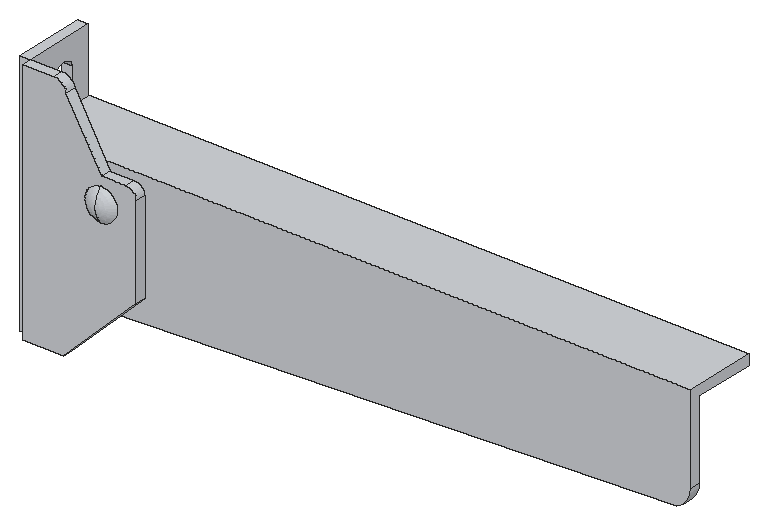
Revit family "NLRS_61_E_Cable Tray Support_Console_CVL", category Generic Models, Revit 2023
Family settings
  Can host rebar = No
  Round Connector Dimension = Use Diameter
  Part Type = Normal
  OmniClass Number = 23.80.30.17.24
  OmniClass Title = Mechanical Fasteners for Conduits and Trunking
  Work Plane-Based = Yes
  Always vertical = Yes
  Cut with Voids When Loaded = No
  Maintain Annotation Orientation = No
  Shared = No
  Room Calculation Point = No
Parameters
  Wholesaler Art. No. [instance] = ""
  Wholesaler [instance] = ""
  Stabu Code [instance] = ""
  Revit Version = "2023"  # constant formula
  Product Line [instance] = ""
  Model = "Moderate console"
  Manufacturer URL [instance] = "http://www.legrandservices.nl/Catalog/Index.aspx"
  Manufacturer Art. No. [instance] = ""
  Manufacturer = "Legrand"
  MEPcontent Class = "CABLE_TRAY_SUPPORT"  # constant formula
  LengthBracket [instance] = 300 mm
  Watermarked By = "www.BIMLYNK.com"
  URL = "www.BIMLYNK.com"
  Length [instance] = LengthBracket + 26 mm  # 326 mm
  Language = ""
  LEVEL [instance] = 15 mm
  Internal Art. No. [instance] = ""
  IFCExportType = "NOTDEFINED"
  IFCExportAs = "IfcCableCarrierFittingType"
  GTIN [instance] = ""  # constant formula
  Function Code [instance] = ""
  Family Version = "11.14"
  ETIM Article Class [instance] = ""
  EMCS Version = "2.0"
  Description = "Console for cable duct system of Legrand "  # constant formula
  Default Elevation = 1219.2 mm
  Custom = no
  Copyright = "© BIM LYNK"  # constant formula
  Content Supplier URL [instance] = "www.MEPcontent.com"
  CB-NL Class [instance] = ""
  Article Type [instance] = "Moderate console"  # constant formula
  Article Description [instance] = "Moderate console"  # constant formula
Reference planes
  plane 1 "Center (Front/Back)": y = 0
  plane 2: z = 0
  plane 3 "Center (Left/Right)": x = 0
Dimensions and locks
  "LEVEL": level to nested 1  (x2)
  "Length": nested 1 to plane 3 "Center (Left/Right)"
  aligned and locked: level to plane 2
Nested families
  nested 1: "Cable Tray Support_Console_" at (0, -17.5, -104), type "Cable Tray Support_Console_"
    with Wholesaler Art. No. "", Wholesaler "", Stabu Code "", Product Line "Legrand", Manufacturer URL "http://www.legrandservices.nl/Catalog/Index.aspx", Manufacturer Art. No. "", LengthBracket 300 mm, Length 326 mm, Internal Art. No. "", GTIN "", Function Code "", ETIM Article Class "", Content Supplier URL "www.MEPcontent.com", CB-NL Class "", Article Type "Moderate console", Article Description "Moderate console"
Definition of nested family "Cable Tray Support_Console_"
  Parameters (values of type "Cable Tray Support_Console_")
    Wholesaler Art. No. [instance] = ""
    Wholesaler [instance] = ""
    Stabu Code [instance] = ""
    Revit Version = "2022"  # constant formula
    Product Line [instance] = "Legrand"  # constant formula
    Model = "Moderate console"  # constant formula
    Manufacturer URL [instance] = "http://www.legrandservices.nl/Catalog/Index.aspx"
    Manufacturer Art. No. [instance] = ""  # constant formula
    Manufacturer = "Legrand"  # constant formula
    MEPcontent Class = "CABLE_TRAY_SUPPORT"  # constant formula
    LengthBracket [instance] = 200 mm
    Watermarked By = "https://mep.trimble.com"
    URL = "https://mep.trimble.com"
    Length [instance] = LengthBracket + 26 mm  # 226 mm
    Language = ""
    Internal Art. No. [instance] = ""
    IFCExportType = "NOTDEFINED"
    IFCExportAs = "IfcCableCarrierFittingType"
    GTIN [instance] = ""  # constant formula
    Function Code [instance] = ""
    Family Version = "11.14"  # constant formula
    ETIM Article Class [instance] = ""
    EMCS Version = "2.0"  # constant formula
    Description = "Console for cable duct system of Legrand "  # constant formula
    Default Elevation = 1219.2 mm
    Custom = no
    Copyright = "© Trimble Europe BV"  # constant formula
    Content Supplier URL [instance] = "www.MEPcontent.com"
    CB-NL Class [instance] = ""
    Article Type [instance] = "Moderate console"  # constant formula
    Article Description [instance] = "Moderate console"  # constant formula
  Reference planes
    plane 1 "Center (Front/Back)": y = 0
    plane 2: z = 0
    plane 3 "Center (Left/Right)": x = 0
    plane 4: y = -5
    plane 5: x = 5
    plane 6: y = 35
    plane 7: z = 60
    plane 8: x = 226
    plane 9: z = 36
    plane 10: z = 84
    plane 11: y = 5
    plane 12: y = 20
    plane 13: y = 35
    plane 14: z = 120
    plane 15: z = 102
    plane 16: z = 70
    plane 17: z = 38
    plane 18: z = 89
    plane 19: z = 120
  Forms (mm)
    Extrusion 1, solid
      sketch origin (0, 0, 0) x (1, 0, 0) y (0, 0, 1)
        loop
          line (5, 0) -> (25, 0) -> (60.355, 35.355) -> (60.355, 80)
          arc (60.355, 80) -> (58.891, 83.536) -> (55.355, 85) r 5
          line (55.355, 85) -> (43.673, 85) -> (26.352, 115)
          arc (26.352, 115) -> (24.287, 118.584) -> (20.399, 120) r 6.044
          line (20.399, 120) -> (5, 120) -> (5, 0)
      from 0 to 5
    Extrusion 2, solid
      sketch origin (0, 0, 0) x (0, 1, 0) y (0, 0, 1)
        loop
          line (0, 120) -> (0, 0) -> (35, 0) -> (35, 120) -> (0, 120)
      from 0 to 5
    Extrusion 3, solid
      sketch origin (0, 0, 0) x (1, 0, 0) y (0, 0, 1)
        loop
          line (5, 84) -> (5, 21.892) -> (219.154, 36)
          arc (219.154, 36) -> (224.11, 39.639) -> (226, 45.49) r 10
          line (226, 45.49) -> (226, 84) -> (5, 84)
      from -5 to 0
    Extrusion 4, solid
      sketch origin (0, 0, 0) x (1, 0, 0) y (0, 0, 1)
        loop
          line (226, 84) -> (226, 89) -> (5, 89) -> (5, 84) -> (226, 84)
      from -35 to 0
    Revolve 5, solid
      sketch origin (43.292, 1.424, 2.007) x (0, 1, 0) y (0, 0, 1)
        loop
          line (-6.424, 75.51) -> (-6.424, 78.402)
          arc (-6.424, 78.402) -> (-9.017, 74.82) -> (-10, 70.51) r 11.061
          line (-10, 70.51) -> (3.576, 70.51) -> (3.576, 75.51) -> (-6.424, 75.51)
        axis (-10, 70.51) -> (3.576, 70.51)
      angle from 0 to 360
    Extrusion 6, void
      sketch origin (0, 0, 0) x (0, 1, 0) y (0, 0, 1)
        loop
          line (25.5, 98.043) -> (25.5, 106.033)
          arc (25.5, 106.033) -> (20, 110) -> (14.5, 106.033) r 5.796
          line (14.5, 106.033) -> (14.5, 98.043)
          arc (14.5, 98.043) -> (20, 93.877) -> (25.5, 98.043) r 5.714
        loop
          line (25.5, 65.98) -> (25.5, 74.018)
          arc (25.5, 74.018) -> (20, 78.012) -> (14.5, 74.018) r 5.784
          line (14.5, 74.018) -> (14.5, 65.98)
          arc (14.5, 65.98) -> (20, 62) -> (25.5, 65.98) r 5.79
        loop
          line (25.5, 34.032) -> (25.5, 41.961)
          arc (25.5, 41.961) -> (20, 46) -> (14.5, 41.961) r 5.764
          line (14.5, 41.961) -> (14.5, 34.032)
          arc (14.5, 34.032) -> (20, 30) -> (25.5, 34.032) r 5.767
      from 0 to 5
  Cuts and joins
    joined: Extrusion 3, Extrusion 4
    Extrusion 6 cuts Extrusion 1
    Extrusion 6 cuts Extrusion 2
    joined: Extrusion 1, Extrusion 2
  Dimensions and locks
    Extrusion 1 sketch curve to Extrusion 1 sketch curve to Extrusion 1 sketch curve to Extrusion 1 sketch curve to Extrusion 1 sketch curve to Extrusion 1 sketch curve to Extrusion 1 sketch curve = 5 mm locked, 30 mm locked, 0 mm locked, 5 mm locked, 44.645 mm locked, 35.355 mm locked
    Extrusion 1 sketch curve to Extrusion 1 sketch curve to Extrusion 1 sketch curve to Extrusion 1 sketch curve to Extrusion 1 sketch curve to Extrusion 1 sketch curve to Extrusion 1 sketch curve to Extrusion 1 sketch curve = 21.93 mm locked, 5.43 mm locked, 18.274 mm locked, 1.199 mm locked, 10.176 mm locked, 6.008 mm locked, 10.179 mm locked
    locked: plane 1 "Center (Front/Back)" to plane 4 at 5
    locked: Extrusion 2 sketch curve to Extrusion 2 sketch curve at 120
    locked: plane 5 to plane 3 "Center (Left/Right)" at 5
    locked: plane 4 to plane 6 at 40
    plane 7 to level = 60 mm
    "Length": plane 8 to plane 3 "Center (Left/Right)"
    equal spacing: Extrusion 3 sketch curve, plane 7, Extrusion 3 sketch curve
    Extrusion 3 sketch curve to plane 7 to Extrusion 3 sketch curve = 24 mm locked, 38.108 mm locked
    locked: plane 4 to plane 11 at 10
    Extrusion 3 sketch curve to Extrusion 3 sketch curve to Extrusion 3 sketch curve = 9.49 mm locked, 38.51 mm locked
    locked: Extrusion 4 sketch curve to Extrusion 4 sketch curve at 5
    equal spacing: plane 10, Revolve 5 sketch curve, Revolve 5 sketch curve, plane 7
    locked: plane 13 to plane 12 at 15
    locked: plane 14 to level at 120
    locked: plane 17 to level at 38
    locked: plane 16 to plane 17 at 32
    locked: plane 15 to plane 16 at 32
    plane 14 to plane 15 = 18 mm
    Extrusion 6 sketch curve to plane 12 = 5.5 mm
    locked: Extrusion 6 sketch curve to plane 12 at 5.5
    plane 10 to Revolve 5 sketch curve to Revolve 5 sketch curve = 6.484 mm locked, 5 mm locked
    cut or joined group of Extrusion 1, Extrusion 2, Extrusion 6 to cut or joined group of Extrusion 1, Extrusion 2, Extrusion 6 to cut or joined group of Extrusion 1, Extrusion 2, Extrusion 6 to cut or joined group of Extrusion 1, Extrusion 2, Extrusion 6 to cut or joined group of Extrusion 1, Extrusion 2, Extrusion 6 to plane 9 to cut or joined group of Extrusion 1, Extrusion 2, Extrusion 6 = 16.123 mm locked, 15.865 mm locked, 16.012 mm locked, 16 mm, 10 mm locked, 6 mm locked
    locked: Revolve 5 sketch curve to cut or joined group of Extrusion 1, Extrusion 2, Extrusion 6 at 17.063
    locked: plane 18 to plane 10 at 5
    equal spacing: plane 10, plane 7, plane 9, locked at 24 each
    locked: plane 19 to plane 10 at 36
    aligned and locked: level to plane 2
    aligned and locked: Extrusion 1 to plane 1 "Center (Front/Back)"
    aligned and locked: plane 1 "Center (Front/Back)" to Extrusion 1
    aligned and locked: plane 4 to Extrusion 1
    aligned and locked: plane 1 "Center (Front/Back)" to Extrusion 2 sketch curve
    aligned and locked: level to Extrusion 2 sketch curve
    aligned and locked: plane 5 to Extrusion 2
    aligned and locked: Extrusion 2 to plane 6
    aligned and locked: plane 1 "Center (Front/Back)" to Extrusion 2
    aligned and locked: Extrusion 2 to plane 3 "Center (Left/Right)"
    aligned and locked: Extrusion 3 sketch curve to plane 8
    aligned and locked: Extrusion 3 to plane 11
    aligned and locked: plane 1 "Center (Front/Back)" to Extrusion 3
    aligned and locked: Extrusion 4 sketch curve to Extrusion 3
    aligned and locked: plane 5 to Extrusion 4 sketch curve
    aligned and locked: Extrusion 4 to plane 6
    aligned and locked: plane 1 "Center (Front/Back)" to Extrusion 4
    aligned and locked: Revolve 5 sketch curve to Revolve 5 sketch curve
    aligned and locked: cut or joined group of Extrusion 3, Extrusion 4 to Revolve 5 sketch curve
    aligned and locked: Extrusion 6 sketch curve to Extrusion 6 sketch curve  (x2)
    aligned and locked: Extrusion 6 to plane 3 "Center (Left/Right)"
    aligned and locked: Extrusion 2 to Extrusion 6
    aligned and locked: cut or joined group of Extrusion 1, Extrusion 2, Extrusion 6 to plane 5
    aligned and locked: cut or joined group of Extrusion 1, Extrusion 2, Extrusion 6 to cut or joined group of Extrusion 1, Extrusion 2, Extrusion 6  (x5)
    aligned and locked: Extrusion 1 to Extrusion 2
    aligned and locked: Extrusion 2 to plane 19
  Automatic sketch dimensions
    Extrusion 2 sketch curve to plane 6 = 0 mm
    Extrusion 3 sketch curve to plane 5 = 0 mm
    Extrusion 3 sketch curve to Extrusion 3 sketch curve = 10 mm
    Extrusion 4 sketch curve to plane 8 = 0 mm
    Revolve 5 sketch curve to plane 4 = 1.424 mm
    Revolve 5 sketch curve to plane 11 = 1.424 mm
    Revolve 5 sketch curve to plane 1 "Center (Front/Back)" = 2.482 mm
    Revolve 5 sketch curve to Revolve 5 sketch curve = 0.255 mm
    Revolve 5 sketch curve to Revolve 5 sketch curve = 2.892 mm
    Extrusion 6 sketch curve to plane 12 = 0 mm  (x6)
    plane 17 to Extrusion 6 sketch curve = 3.961 mm
    Extrusion 6 sketch curve to Extrusion 6 sketch curve = 5.5 mm  (x2)
    plane 12 to Extrusion 6 sketch curve = 5.5 mm  (x2)
    Extrusion 6 sketch curve to plane 16 = 4.02 mm
    plane 16 to Extrusion 6 sketch curve = 4.018 mm
    Extrusion 6 sketch curve to plane 9 = 1.968 mm
    Extrusion 6 sketch curve to plane 9 = 0.233 mm
    plane 17 to Extrusion 6 sketch curve = 2.236 mm
    Extrusion 6 sketch curve to plane 16 = 2.21 mm
    plane 16 to Extrusion 6 sketch curve = 2.228 mm
    Extrusion 6 sketch curve to plane 15 = 3.957 mm
    Extrusion 6 sketch curve to plane 15 = 2.409 mm
    plane 15 to Extrusion 6 sketch curve = 2.204 mm
    plane 15 to Extrusion 6 sketch curve = 4.033 mm
    Revolve 5 sketch curve to plane 4 = 0 mm
    Extrusion 1 sketch curve to level = 0 mm
    Extrusion 1 sketch curve to plane 5 = 0 mm
    Extrusion 1 sketch curve to Extrusion 1 sketch curve = 5.953 mm
